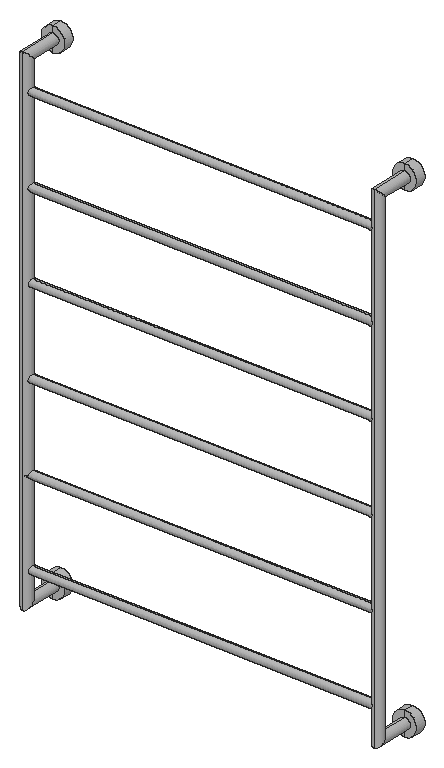
Revit family "Reece_Accessory_Mizu_Drift_Heated Towel Rail_Wall Mounted", category Plumbing Fixtures, Revit 2018
Family settings
  Round Connector Dimension = Use Diameter
  Part Type = Normal
  Work Plane-Based = Yes
  Always vertical = Yes
  Cut with Voids When Loaded = Yes
  Shared = Yes
  Room Calculation Point = Yes
Parameters (values of type "788 mm x 1078 mm_Polished Stainless Steel")
  URL = "https://www.reece.com.au/product/-9506132"
  Type Comments = "Accessory"
  Reece_Rail_Fixing_Height [instance] = if(Reece_Height_From_Level < 600 mm, 600 mm, if(Reece_Height_From_Level > 600 mm, Reece_Height_From_Level, Reece_Height_From_Level))  # 600 mm
  Reece_Product_Web Page = "https://www.reece.com.au/product/-9506132"
  Reece_Product_Type = "Accessory"  # constant formula
  Reece_Product_Sub Brand = "Drift"  # constant formula
  Reece_Product_Number = "9506132"
  Reece_Product_Mount = "Wall Mounted"  # constant formula
  Reece_Product_Description = "Mizu Drift Heated Towel Rail 760 x 1050mm Polished Stainless Steel"
  Reece_Product_Brand = "Mizu"  # constant formula
  Reece_Overall_Width = 788 mm
  Reece_Overall_Projection = 100 mm
  Reece_Overall_Height = 1078 mm
  Reece_Middle_Positive [instance] = (Reece_Axis_Distance / 2)  # 369 mm
  Reece_Middle_Negative = (Reece_Axis_Distance / 2) * -1  # -369 mm
  Reece_Material_Main = Reece_Metal_Stainless Steel_Polished
  Reece_Height_From_Level [instance] = 600 mm
  Reece_Detail_Disclaimer = "THIS FILE IS THE PROPERTY OF THE REECE GROUP. IT MAY NOT BE REPRODUCED, REVERSE-ENGINEERED OR MODIFIED. ANY REPUBLICATION, TRANSMISSION OR DISTRIBUTION FOR THE PURPOSE OF COMMERCIALLY EXPLOITING THE FILES IS PROHIBITED."  # constant formula
  Reece_Axis_Distance = 738 mm
  Reece_Detail_Shape = ""
  Reece_Detail_Installation = ""
  Reece_Detail_Connector = "Electrical input required. Refer to the product web page for further details."  # constant formula
  Reece_Detail_Additional = ""
  Railing_Width = 738 mm
  Rail_Spacing [instance] = 180 mm
  Model = "Drift"
  Manufacturer = "Mizu"
  Keynote = "Product #9506132, Reece_Accessory_Mizu_Drift_Heated Towel Rail_Wall Mounted - 788 mm x 1078 mm_Polished Stainless Steel"
  Fixing Point Spacing [instance] = 75 mm
  Disclaimer = "THIS FILE IS THE PROPERTY OF THE REECE GROUP. IT MAY NOT BE REPRODUCED, REVERSE-ENGINEERED, OR MODIFIED. ANY REPUBLICATION, TRANSMISSION, OR DISTRIBUTION FOR THE PURPOSE OF COMMERCIALLY EXPLOITING THE FILES IS PROHIBITED."  # constant formula
  Description = "Mizu Drift Heated Towel Rail 760 x 1050mm Polished Stainless Steel"
  Default Elevation = 0 mm
  Count = 6
Types (5, lengths in mm): name | URL | Reece_Product_Web Page | Reece_Product_Number | Reece_Product_Description | Reece_Overall_Width | Reece_Overall_Height | Reece_Middle_Positive | Reece_Middle_Negative | Reece_Axis_Distance | Railing_Width | Rail_Spacing | Keynote | Fixing Point Spacing | Description | Count
  (no name) | "https://www.reece.com.au/product/-9508102" | "https://www.reece.com.au/product/-9508102" | "9508102" | "Mizu Drift Heated Towel Rail 550 x 1050mm Polished Stainless Steel" | 578 | 1078 | 264 | -264 | 528 | 528 | 180.019 | "Product #9508102, Reece_Accessory_Mizu_Drift_Heated Towel Rail_Wall Mounted -  " | 74.983 | "Mizu Drift Heated Towel Rail 550 x 1050mm Polished Stainless Steel" | 6
  788 mm x 1078 mm_Polished Stainless Steel | "https://www.reece.com.au/product/-9506132" | "https://www.reece.com.au/product/-9506132" | "9506132" | "Mizu Drift Heated Towel Rail 760 x 1050mm Polished Stainless Steel" | 788 | 1078 | 369 | -369 | 738 | 738 | 180 | "Product #9506132, Reece_Accessory_Mizu_Drift_Heated Towel Rail_Wall Mounted - 788 mm x 1078 mm_Polished Stainless Steel" | 75 | "Mizu Drift Heated Towel Rail 760 x 1050mm Polished Stainless Steel" | 6
  578 mm x 878 mm_Polished Stainless Steel | "https://www.reece.com.au/product/-9508101" | "https://www.reece.com.au/product/-9508101" | "9508101" | "Mizu Drift Heated Towel Rail 550 x 850mm Polished Stainless Steel" | 578 | 878 | 264 | -264 | 528 | 528 | 170.005 | "Product #9508101, Reece_Accessory_Mizu_Drift_Heated Towel Rail_Wall Mounted - 578 mm x 878 mm_Polished Stainless Steel" | 84.987 | "Mizu Drift Heated Towel Rail 550 x 850mm Polished Stainless Steel" | 5
  578 mm x 1078 mm_Polished Stainless Steel | "https://www.reece.com.au/product/-9508102" | "https://www.reece.com.au/product/-9508102" | "9508102" | "Mizu Drift Heated Towel Rail 550 x 1050mm Polished Stainless Steel" | 578 | 1078 | 264 | -264 | 528 | 528 | 180.019 | "Product #9508102, Reece_Accessory_Mizu_Drift_Heated Towel Rail_Wall Mounted - 578 mm x 1078 mm_Polished Stainless Steel" | 74.983 | "Mizu Drift Heated Towel Rail 550 x 1050mm Polished Stainless Steel" | 6
  788 mm x 878 mm_Polished Stainless Steel | "https://www.reece.com.au/product/-9506131" | "https://www.reece.com.au/product/-9506131" | "9506131" | "Mizu Drift Heated Towel Rail 760 x 850mm Polished Stainless Steel" | 788 | 878 | 369 | -369 | 738 | 738 | 170 | "Product #9506131, Reece_Accessory_Mizu_Drift_Heated Towel Rail_Wall Mounted - 788 mm x 878 mm_Polished Stainless Steel" | 85 | "Mizu Drift Heated Towel Rail 760 x 850mm Polished Stainless Steel" | 6
Reference planes
  plane 1: y = -189
  plane 2 "Bottom Host Plane": z = 0
  plane 3 "Center (Left/Right)": x = 0
  plane 4 "L": x = -369
  plane 5 "R": x = 369
  plane 6 "Center (Front/Back)": y = -89
  plane 7 "Front": y = -109
  plane 8: z = 1653
  plane 9: z = 625
  plane 10: z = 600
  plane 11: z = 1678
  plane 12: z = 1589
  plane 13: z = 689
  plane 14: z = 1664
  plane 15: z = 614
  plane 16: z = 681
  plane 17 "Rail fixing": y = -178
  plane 18: z = 1597
  plane 19: x = -394
  plane 20: x = 394
Forms (mm)
  Revolve 1, solid, material "Reece_Metal_Stainless Steel_Polished" <- "Reece_Material_Main"
    sketch origin (-369, -1524, 927.868) x (0, 0, -1) y (0, -1, 0)
      loop
        line (-725.149, -1435) -> (-725.132, -1415) -> (-750.132, -1415) -> (-750.132, -1435) -> (-725.149, -1435)
      axis (-725.132, -1415) -> (-725.132, -1435)
    angle from 0 to 360
  Revolve 2, solid, material "Reece_Metal_Stainless Steel_Polished" <- "Reece_Material_Main"
    sketch origin (-369, -1524, 927.868) x (0, 0, -1) y (0, -1, 0)
      loop
        line (302.868, -1435) -> (327.868, -1435) -> (327.868, -1415) -> (302.868, -1415) -> (302.868, -1435)
      axis (302.868, -1415) -> (302.868, -1435)
    angle from 0 to 360
  Revolve 3, solid, material "Reece_Metal_Stainless Steel_Polished" <- "Reece_Material_Main"
    sketch origin (369, 0, 0) x (0, -1, 0) y (0, 0, 1)
      loop
        line (89, 1653) -> (109, 1653) -> (109, 1678) -> (89, 1678) -> (89, 1653)
      axis (89, 1653) -> (109, 1653)
    angle from 0 to 360
  Revolve 4, solid, material "Reece_Metal_Stainless Steel_Polished" <- "Reece_Material_Main"
    sketch origin (369, 0, 0) x (0, -1, 0) y (0, 0, 1)
      loop
        line (109, 625) -> (109, 650) -> (89, 650) -> (89, 625) -> (109, 625)
      axis (89, 625) -> (109, 625)
    angle from 0 to 360
  Sweep 5, solid, material "Reece_Metal_Stainless Steel_Polished" <- "Reece_Material_Main"
    path origin (-369, -1524, 927.868) x (0, 0, -1) y (0, -1, 0)
      loop
        line (302.868, -1435) -> (302.868, -1346) -> (-725.132, -1346) -> (-725.132, -1435)
    profile origin (-369, -133.5, 1653) x (0, 0, -1) y (-1, 0, 0)
      loop
        circle (0, 0) r 11
  Sweep 6, solid, material "Reece_Metal_Stainless Steel_Polished" <- "Reece_Material_Main"
    path origin (369, 0, 0) x (0, -1, 0) y (0, 0, 1)
      loop
        line (89, 1653) -> (178, 1653) -> (178, 625) -> (89, 625)
    profile origin (369, -133.5, 1653) x (0, 0, 1) y (-1, 0, 0)
      loop
        circle (0, 0) r 11
  Revolve 7, solid, material "Reece_Metal_Stainless Steel_Polished" <- "Reece_Material_Main"
    sketch origin (-105, -178, 210) x (-1, 0, 0) y (0, 0, 1)
      loop
        line (264, 1379) -> (264, 1387) -> (-474, 1387) -> (-474, 1379) -> (264, 1379)
      axis (264, 1379) -> (-474, 1379)
    angle from 0 to 360
  Revolve 8, solid, material "Reece_Metal_Stainless Steel_Polished" <- "Reece_Material_Main"
    sketch origin (-105, -178, -690) x (-1, 0, 0) y (0, 0, 1)
      loop
        line (264, 1379) -> (264, 1387) -> (-474, 1387) -> (-474, 1379) -> (264, 1379)
      axis (264, 1379) -> (-474, 1379)
    angle from 0 to 360
  Revolve 9, solid, material "Reece_Metal_Stainless Steel_Polished" <- "Reece_Material_Main"
    sketch origin (-105, -178, 30) x (-1, 0, 0) y (0, 0, 1)
      loop
        line (264, 1379) -> (264, 1387) -> (-474, 1387) -> (-474, 1379) -> (264, 1379)
      axis (264, 1379) -> (-474, 1379)
    angle from 0 to 360
  Revolve 10, solid, material "Reece_Metal_Stainless Steel_Polished" <- "Reece_Material_Main"
    sketch origin (-105, -178, -150) x (-1, 0, 0) y (0, 0, 1)
      loop
        line (264, 1379) -> (264, 1387) -> (-474, 1387) -> (-474, 1379) -> (264, 1379)
      axis (264, 1379) -> (-474, 1379)
    angle from 0 to 360
  Revolve 11, solid, material "Reece_Metal_Stainless Steel_Polished" <- "Reece_Material_Main"
    sketch origin (-105, -178, -330) x (-1, 0, 0) y (0, 0, 1)
      loop
        line (264, 1379) -> (264, 1387) -> (-474, 1387) -> (-474, 1379) -> (264, 1379)
      axis (264, 1379) -> (-474, 1379)
    angle from 0 to 360
  Revolve 12, solid, material "Reece_Metal_Stainless Steel_Polished" <- "Reece_Material_Main"
    sketch origin (-105, -178, -510) x (-1, 0, 0) y (0, 0, 1)
      loop
        line (264, 1379) -> (264, 1387) -> (-474, 1387) -> (-474, 1379) -> (264, 1379)
      axis (264, 1379) -> (-474, 1379)
    angle from 0 to 360
Cuts and joins
  joined: Revolve 1, Revolve 2, Revolve 3, Revolve 4, Sweep 5, Sweep 6, Revolve 7, Revolve 8, Revolve 9, Revolve 10, Revolve 11
Lines and regions (mm)
  model lines, style "InvisibleLines"
    curve 1: line (0, -189, 0) -> (0, -189, 625)
Text (mm)
  text "Reece ©" at (2668.485, -2149.954, 3198.374), in view "Reece Preview"
  text "Reece Copyright © 2018, Reece Ltd." at (-1142.707, 16.961, 0), in view "Ref. Level"
Dimensions and locks
  plane 4 "L" to plane 5 "R" = 738 mm
  plane 4 "L" to plane 3 "Center (Left/Right)" to plane 5 "R" = 369 mm, 369 mm  (x2)
  locked: plane 7 "Front" to plane 6 "Center (Front/Back)" at 20
  plane 8 to plane 9 = 1028 mm
  locked: plane 10 to plane 9 at 25
  locked: plane 11 to plane 8 at 25
  "Reece_Rail_Fixing_Height": plane 10 to level
  "Reece_Overall_Height": plane 11 to plane 10
  locked: plane 1 to Sweep 6 sketch curve at 11
  locked: Sweep 5 sketch curve to plane 1 at 11
  locked: plane 14 to plane 11 at 14
  locked: plane 10 to plane 15 at 14
  "Fixing Point Spacing": plane 12 to plane 14
  "Fixing Point Spacing": plane 15 to plane 13
  locked: plane 13 to plane 16 at 8
  locked: plane 17 "Rail fixing" to plane 1 at 11
  locked: plane 18 to plane 12 at 8
  equal spacing: plane 4 "L", plane 3 "Center (Left/Right)", plane 5 "R"
  "Railing_Width": plane 4 "L" to plane 5 "R"
  "Railing_Width": Revolve 7 sketch curve to Revolve 7 sketch curve
  "Railing_Width": Revolve 8 sketch curve to Revolve 8 sketch curve
  equal spacing: group 1, group 3, group 4, group 5, group 6, group 2  (x2)
  equal spacing: group 2, group 6, group 5, group 4, group 3, group 1
  "Railing_Width": Revolve 9 sketch curve to Revolve 9 sketch curve
  "Railing_Width": Revolve 10 sketch curve to Revolve 10 sketch curve
  "Railing_Width": Revolve 11 sketch curve to Revolve 11 sketch curve
  "Reece_Overall_Projection": plane 1 to plane 6 "Center (Front/Back)"
  locked: plane 19 to plane 4 "L" at 25
  locked: plane 5 "R" to plane 20 at 25
  plane 19 to plane 20 = 788 mm
  "Railing_Width": Revolve 12 sketch curve to Revolve 12 sketch curve
  aligned and locked: Revolve 1 sketch curve to plane 8
  aligned and locked: Revolve 2 sketch curve to plane 9
  aligned and locked: Revolve 3 sketch curve to plane 8
  aligned and locked: Revolve 4 sketch curve to plane 9
  aligned and locked: Sweep 5 sketch curve to plane 8
  aligned and locked: Sweep 5 sketch curve to plane 9
  aligned and locked: plane 6 "Center (Front/Back)" to Sweep 5 sketch curve  (x2)
  aligned and locked: plane 8 to Sweep 6 sketch curve
  aligned and locked: plane 9 to Sweep 6 sketch curve
  aligned and locked: plane 6 "Center (Front/Back)" to Sweep 6 sketch curve  (x2)
  aligned and locked: plane 18 to Revolve 7
  aligned and locked: Revolve 7 to plane 4 "L"
  aligned and locked: Revolve 7 to plane 5 "R"
  aligned and locked: plane 16 to Revolve 8
  aligned and locked: Revolve 8 to plane 4 "L"
  aligned and locked: plane 9 to curve 1
Automatic sketch dimensions
  Revolve 1 sketch curve to plane 11 = 0 mm
  Revolve 1 sketch curve to plane 6 "Center (Front/Back)" = 0 mm
  plane 8 to Revolve 1 sketch curve = 0 mm
  Revolve 1 sketch curve to plane 7 "Front" = 0 mm  (x2)
  Revolve 1 sketch curve to plane 8 = 0.017 mm
  Revolve 1 sketch curve to plane 6 "Center (Front/Back)" = 156.436 mm
  Revolve 2 sketch curve to plane 7 "Front" = 0 mm  (x2)
  plane 9 to Revolve 2 sketch curve = 0 mm
  Revolve 2 sketch curve to plane 6 "Center (Front/Back)" = 0 mm
  plane 10 to Revolve 2 sketch curve = 0 mm
  Revolve 2 sketch curve to plane 6 "Center (Front/Back)" = 156.436 mm
  Revolve 3 sketch curve to plane 6 "Center (Front/Back)" = 0 mm
  Revolve 3 sketch curve to plane 7 "Front" = 0 mm  (x2)
  plane 8 to Revolve 3 sketch curve = 0 mm
  Revolve 3 sketch curve to plane 11 = 0 mm
  Revolve 3 sketch curve to Revolve 3 sketch curve = 156.436 mm
  Revolve 4 sketch curve to plane 6 "Center (Front/Back)" = 0 mm
  Revolve 4 sketch curve to plane 7 "Front" = 0 mm  (x2)
  plane 9 to Revolve 4 sketch curve = 0 mm
  Revolve 4 sketch curve to Revolve 4 sketch curve = 25 mm
  Revolve 4 sketch curve to Revolve 4 sketch curve = 156.436 mm
  plane 4 "L" to Sweep 5 sketch curve = 0 mm
  Sweep 5 sketch curve to profile plane = 0 mm
  plane 5 "R" to Sweep 6 sketch curve = 0 mm
  Sweep 6 sketch curve to profile plane = 0 mm
  Revolve 7 sketch curve to Revolve 7 sketch curve = 157.023 mm
  Revolve 7 sketch curve to Revolve 7 sketch curve = 8 mm
  Revolve 7 sketch curve to Revolve 7 sketch curve = 346.34 mm
  Revolve 7 sketch curve to Revolve 7 sketch curve = 0 mm
  Revolve 8 sketch curve to Revolve 8 sketch curve = 157.023 mm
  Revolve 8 sketch curve to Revolve 8 sketch curve = 8 mm
  Revolve 8 sketch curve to Revolve 8 sketch curve = 346.34 mm
  Revolve 8 sketch curve to Revolve 8 sketch curve = 0 mm
  Revolve 9 sketch curve to Revolve 9 sketch curve = 157.023 mm
  Revolve 9 sketch curve to Revolve 9 sketch curve = 8 mm
  Revolve 9 sketch curve to Revolve 9 sketch curve = 346.34 mm
  Revolve 9 sketch curve to Revolve 9 sketch curve = 0 mm
  Revolve 10 sketch curve to Revolve 10 sketch curve = 157.023 mm
  Revolve 10 sketch curve to Revolve 10 sketch curve = 8 mm
  Revolve 10 sketch curve to Revolve 10 sketch curve = 346.34 mm
  Revolve 10 sketch curve to Revolve 10 sketch curve = 0 mm
  Revolve 11 sketch curve to Revolve 11 sketch curve = 157.023 mm
  Revolve 11 sketch curve to Revolve 11 sketch curve = 8 mm
  Revolve 11 sketch curve to Revolve 11 sketch curve = 346.34 mm
  Revolve 11 sketch curve to Revolve 11 sketch curve = 0 mm
  curve 1 to plane 3 "Center (Left/Right)" = 0 mm
  curve 1 to level = 0 mm
  Revolve 12 sketch curve to Revolve 12 sketch curve = 157.023 mm
  Revolve 12 sketch curve to Revolve 12 sketch curve = 8 mm
  Revolve 12 sketch curve to Revolve 12 sketch curve = 346.34 mm
  Revolve 12 sketch curve to Revolve 12 sketch curve = 0 mm
  radius of Sweep 5 sketch curve = 11 mm
  radius of Sweep 6 sketch curve = 11 mm
